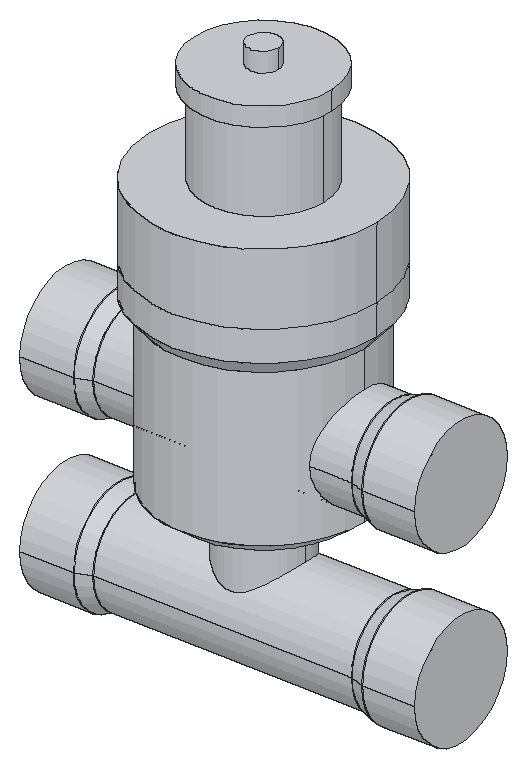
Revit family "VTX11P_DN15_PN16_RFA_2018", category Pipe Accessories, Revit 2018
Family settings
  Round Connector Dimension = Use Diameter
  Part Type = Valve - Breaks Into
  Work Plane-Based = No
  Always vertical = Yes
  Cut with Voids When Loaded = No
  Shared = No
Parameters (values of type "VTX11P G1/2  PN16 kvs0,6")
  magiProductId = ""
  magiProductFamilyId = ""
  magiPartTypeId = 306
  isMeasuringValve [instance] = no
  ang2D [instance] = 0.00°
  Z8 = 4 mm
  Z7__ve = -Z7  # -2.5 mm
  Z7 = 2.5 mm
  Z5 = 9.45 mm
  Z3 = 2 mm
  Z2 = 8.05 mm
  X4__ve = -X4  # -7 mm
  X4 = 7 mm
  X3 = 34 mm
  W2D = 15 mm
  VersionID = ""
  Use Minimum Symbol Size [instance] = yes
  URL = "www.hydronix.cz"
  Type Comments = "Závitový, vnější závit, ploché těsnění; LIN charakteristika; PN16; +5~+95°C; max.rychlost proudění 3,0 m/s"
  R9 = 9 mm
  R8 = 2 mm
  R7 = 15 mm
  R6 = 10.64 mm
  R5 = 6.703 mm
  R4 = 5.586 mm
  R2 = 13.3 mm
  R10 = 8 mm
  R1 = 6.75 mm
  QmdConnectorList = "301;D;302;D"
  Productdata [instance] = ""
  Manufacturer = "Hydronix"
  MC2 = yes
  MC Product Code = "VTX11P (G1/2\"; dpmax=250kPa; kvs 0,6)"
  MC = no
  LT2 = 19 mm
  L2D_Min = 3048 mm
  L2D = 38 mm
  H1 = 20.5 mm
  H = 27 mm
  E = 16 mm
  Description = "3 cestný regulační ventil malých spotřebičů s obtokem, DN15; zdvih 2,5mm; max dp 250kPa; kvs0,6"
  DT2 = 7.5 mm
  D = 15 mm
  CAT0 = yes
  C = 23 mm
Types (8, lengths in mm): name | Z5 | Z2 | X3 | R6 | R5 | R4 | R2 | R1 | MC Product Code | LT2 | H1 | H | Description | DT2 | D | C
  VTX09P G1/2  PN16 kvs0,25 | 9.45 | 8.05 | 34 | 10.64 | 6.703 | 5.586 | 13.3 | 6.75 | "VTX09P (G1/2\"; dpmax=250kPa; kvs 0,25)" | 19 | 20.5 | 27 | "3 cestný regulační ventil malých spotřebičů s obtokem, DN15; zdvih 2,5mm; max dp 250kPa; kvs0,25" | 7.5 | 15 | 23
  VTX10P G1/2  PN16 kvs0,4 | 9.45 | 8.05 | 34 | 10.64 | 6.703 | 5.586 | 13.3 | 6.75 | "VTX10P (G1/2\"; dpmax=250kPa; kvs 0,4)" | 19 | 20.5 | 27 | "3 cestný regulační ventil malých spotřebičů s obtokem, DN15; zdvih 2,5mm; max dp 250kPa; kvs0,4" | 7.5 | 15 | 23
  VTX12P G1/2  PN16 kvs1,0 | 9.45 | 8.05 | 34 | 10.64 | 6.703 | 5.586 | 13.3 | 6.75 | "VTX12P (G1/2\"; dpmax=250kPa; kvs 1,0)" | 19 | 20.5 | 27 | "3 cestný regulační ventil malých spotřebičů s obtokem, DN15; zdvih 2,5mm; max dp 250kPa; kvs1,0" | 7.5 | 15 | 23
  VTX13P G1/2  PN16 kvs1,6 | 9.45 | 8.05 | 34 | 10.64 | 6.703 | 5.586 | 13.3 | 6.75 | "VTX13P (G1/2\"; dpmax=250kPa; kvs 1,6)" | 19 | 20.5 | 27 | "3 cestný regulační ventil malých spotřebičů s obtokem, DN15; zdvih 2,5mm; max dp 250kPa; kvs1,6" | 7.5 | 15 | 23
  VTX21P G3/4  PN16 kvs2,5 | 9.1 | 17.5 | 38 | 11.76 | 7.409 | 6.174 | 14.7 | 9 | "VTX21P (G3/4\"; dpmax=150kPa; kvs 2,5)" | 21 | 37.4 | 26 | "3 cestný regulační ventil malých spotřebičů s obtokem, DN20; zdvih 2,5mm; max dp 150kPa; kvs2,5" | 10 | 20 | 50
  VTX24P G3/4  PN16 kvs4,0 | 9.1 | 17.5 | 38 | 11.76 | 7.409 | 6.174 | 14.7 | 9 | "VTX24P (G3/4\"; dpmax A-AB=100kPa;  dpmax B-AB=40kPa;  kvs 4,0)" | 21 | 37.4 | 26 | "3 cestný regulační ventil malých spotřebičů s obtokem, DN20; zdvih 2,5mm; max dp A-AB 100kPa; max dp B-AB 40kPa; kvs4,0" | 10 | 20 | 50
  VTX26P G3/4  PN16 kvs6,0 | 9.1 | 17.5 | 38 | 11.76 | 7.409 | 6.174 | 14.7 | 9 | "VTX26P (G3/4\"; dpmax A-AB=100kPa;  dpmax B-AB=40kPa; kvs 6,0)" | 21 | 37.4 | 26 | "3 cestný regulační ventil malých spotřebičů s obtokem, DN20; zdvih 2,5mm; max dp A-AB 100kPa; max dp B-AB 40kPa; kvs6,0" | 10 | 20 | 50
  VTX11P G1/2  PN16 kvs0,6 | 9.45 | 8.05 | 34 | 10.64 | 6.703 | 5.586 | 13.3 | 6.75 | "VTX11P (G1/2\"; dpmax=250kPa; kvs 0,6)" | 19 | 20.5 | 27 | "3 cestný regulační ventil malých spotřebičů s obtokem, DN15; zdvih 2,5mm; max dp 250kPa; kvs0,6" | 7.5 | 15 | 23
Reference planes
  plane 1 "Center (Front/Back)": y = 0
  plane 2 "XYPLANE": z = 0
  plane 3 "Center (Left/Right)": x = 0
  plane 4 "271": z = 38
  plane 5 "254": z = 11.55
  plane 6 "253": z = 17.55
  plane 7 "148": z = 40.5
  plane 8 "132": z = 43
  plane 9 "62": z = 13.55
  plane 10 "53": z = 27
  plane 11 "52": z = -8.95
  plane 12 "48": z = -10.95
  plane 13 "47": z = -12.95
  plane 14 "38": z = -21
  plane 15 "37": x = 17
  plane 16 "36": x = 19
  plane 17 "23": z = -23
  plane 18 "19": x = -17
  plane 19 "15": x = -19
  plane 20 "6": x = 26
  plane 21 "5": x = -26
  plane 22 "3": z = 0
  plane 23 "2": y = 0
  plane 24 "1": x = 0
Forms (mm)
  Extrusion 1, solid
    sketch origin (-17, -750, 0) x (0, 1, 0) y (0, 0, 1)
      loop
        circle (750, -23) r 6.75
    from 0 to 34 <- "X3"
  Blend 2, solid
    base sketch origin (19, -750, 0) x (0, 1, 0) y (0, 0, 1)
      loop
        circle (750, -23) r 7.5
    top sketch origin (19, -750, 0) x (0, 1, 0) y (0, 0, 1)
      loop
        circle (750, -23) r 6.75
    from 0 to -2
  Extrusion 3, solid
    sketch origin (26, -750, 0) x (0, 1, 0) y (0, 0, 1)
      loop
        circle (750, -23) r 7.5
    from 0 to -7 <- "X4__ve"
  Extrusion 4, solid
    sketch origin (-26, -750, 0) x (0, 1, 0) y (0, 0, 1)
      loop
        circle (750, -23) r 7.5
    from 0 to 7 <- "X4"
  Blend 5, solid
    base sketch origin (-19, -750, 0) x (0, 1, 0) y (0, 0, 1)
      loop
        circle (750, -23) r 7.5
    top sketch origin (-19, -750, 0) x (0, 1, 0) y (0, 0, 1)
      loop
        circle (750, -23) r 6.75
    from 0 to 2
  Extrusion 6, solid, visible <- "CAT0"
    sketch origin (-750, 0, 43) x (1, 0, 0) y (0, 1, 0)
      loop
        circle (750, 0) r 2
    from 0 to -2.5 <- "Z7__ve"
  Extrusion 7, solid, visible <- "CAT0"
    sketch origin (-750, 0, 38) x (1, 0, 0) y (0, 1, 0)
      loop
        circle (750, 0) r 8
    from 0 to -19
  Extrusion 8, solid, visible <- "CAT0"
    sketch origin (-17, -750, 0) x (0, 1, 0) y (0, 0, 1)
      loop
        circle (750, 0) r 6.75
    from 0 to 34 <- "X3"
  Extrusion 9, solid
    sketch origin (-750, 0, 13.55) x (1, 0, 0) y (0, 1, 0)
      loop
        circle (750, 0) r 15
    from 0 to 4 <- "Z8"
  Extrusion 10, solid
    sketch origin (-750, 0, 40.5) x (1, 0, 0) y (0, 1, 0)
      loop
        circle (750, 0) r 9
    from 0 to -2.5 <- "Z7__ve"
  Extrusion 11, solid
    sketch origin (-750, 0, 17.55) x (1, 0, 0) y (0, 1, 0)
      loop
        circle (750, 0) r 15
    from 0 to 9.45 <- "Z5"
  Blend 12, solid
    base sketch origin (-750, 0, 11.55) x (1, 0, 0) y (0, 1, 0)
      loop
        circle (750, 0) r 13.3
    top sketch origin (-750, 0, 11.55) x (1, 0, 0) y (0, 1, 0)
      loop
        circle (750, 0) r 15
    from 0 to 2
  Blend 13, solid
    base sketch origin (-750, 0, -8.95) x (1, 0, 0) y (0, 1, 0)
      loop
        circle (750, 0) r 13.3
    top sketch origin (-750, 0, -8.95) x (1, 0, 0) y (0, 1, 0)
      loop
        circle (750, 0) r 10.64
    from 0 to -2
  Blend 14, solid
    base sketch origin (-750, 0, -10.95) x (1, 0, 0) y (0, 1, 0)
      loop
        circle (750, 0) r 6.703
    top sketch origin (-750, 0, -10.95) x (1, 0, 0) y (0, 1, 0)
      loop
        circle (750, 0) r 5.586
    from 0 to -2
  Extrusion 15, solid
    sketch origin (-750, 0, -21) x (1, 0, 0) y (0, 1, 0)
      loop
        circle (750, 0) r 5.586
    from 0 to 8.05 <- "Z2"
  Extrusion 16, solid
    sketch origin (26, -750, 0) x (0, 1, 0) y (0, 0, 1)
      loop
        circle (750, 0) r 7.5
    from 0 to -7 <- "X4__ve"
  Blend 17, solid
    base sketch origin (19, -750, 0) x (0, 1, 0) y (0, 0, 1)
      loop
        circle (750, 0) r 7.5
    top sketch origin (19, -750, 0) x (0, 1, 0) y (0, 0, 1)
      loop
        circle (750, 0) r 6.75
    from 0 to -2
  Extrusion 18, solid
    sketch origin (-750, 0, -8.95) x (1, 0, 0) y (0, 1, 0)
      loop
        circle (750, 0) r 13.3
    from 0 to 20.5 <- "H1"
  Blend 19, solid
    base sketch origin (-19, -750, 0) x (0, 1, 0) y (0, 0, 1)
      loop
        circle (750, 0) r 7.5
    top sketch origin (-19, -750, 0) x (0, 1, 0) y (0, 0, 1)
      loop
        circle (750, 0) r 6.75
    from 0 to 2
  Extrusion 20, solid
    sketch origin (-26, -750, 0) x (0, 1, 0) y (0, 0, 1)
      loop
        circle (750, 0) r 7.5
    from 0 to 7 <- "X4"
  Extrusion 21, solid, not visible
    sketch origin (19, -750, 0) x (0, 1, 0) y (0, 0, 1)
      loop
        circle (750, 0) r 10
    from 0 to -10
  Extrusion 22, solid, not visible
    sketch origin (-19, -750, 0) x (0, 1, 0) y (0, 0, 1)
      loop
        circle (750, 0) r 10
    from 0 to 10
Lines and regions (mm)
  reference lines, not visible
    curve 1: circle (2, 2, 0) r 1 normal (0, 0, 1)
Dimensions and locks
  plane 1 "Center (Front/Back)" to curve 1 = 2 mm
  "Z7": plane 7 "148" to plane 4 "271"
  "Z3": plane 9 "62" to plane 5 "254"
  "Z5": plane 10 "53" to plane 6 "253"
  "Z7": plane 8 "132" to plane 7 "148"
  "E": plane 10 "53" to plane 8 "132"
  "Z8": plane 6 "253" to plane 9 "62"
  "H": plane 2 "XYPLANE" to plane 10 "53"
  "Z3": plane 12 "48" to plane 11 "52"
  "Z3": plane 13 "47" to plane 12 "48"
  "Z2": plane 14 "38" to plane 13 "47"
  "Z3": plane 17 "23" to plane 14 "38"
  locked: plane 16 "36" to plane 15 "37" at 2
  "LT2": plane 3 "Center (Left/Right)" to plane 16 "36"
  "C": plane 2 "XYPLANE" to plane 17 "23"
  locked: plane 19 "15" to plane 18 "19" at 2
  "LT2": plane 3 "Center (Left/Right)" to plane 19 "15"
  "X4": plane 16 "36" to plane 20 "6"
  "X4": plane 19 "15" to plane 21 "5"
  locked: plane 2 "XYPLANE" to plane 22 "3"
  locked: plane 1 "Center (Front/Back)" to plane 23 "2"
  locked: plane 3 "Center (Left/Right)" to plane 24 "1"
  "R1": radius of Extrusion 1 sketch curve
  "R1": radius of Blend 2 sketch curve
  "DT2": radius of Blend 2 sketch curve
  "DT2": radius of Extrusion 3 sketch curve
  "DT2": radius of Extrusion 4 sketch curve
  "R1": radius of Blend 5 sketch curve
  "DT2": radius of Blend 5 sketch curve
  "R8": radius of Extrusion 6 sketch curve
  "R10": radius of Extrusion 7 sketch curve
  "R1": radius of Extrusion 8 sketch curve
  "R7": radius of Extrusion 9 sketch curve
  "R9": radius of Extrusion 10 sketch curve
  "R7": radius of Extrusion 11 sketch curve
  "R7": radius of Blend 12 sketch curve
  "R2": radius of Blend 12 sketch curve
  "R6": radius of Blend 13 sketch curve
  "R2": radius of Blend 13 sketch curve
  "R4": radius of Blend 14 sketch curve
  "R5": radius of Blend 14 sketch curve
  "R4": radius of Extrusion 15 sketch curve
  "DT2": radius of Extrusion 16 sketch curve
  "R1": radius of Blend 17 sketch curve
  "DT2": radius of Blend 17 sketch curve
  "R2": radius of Extrusion 18 sketch curve
  "R1": radius of Blend 19 sketch curve
  "DT2": radius of Blend 19 sketch curve
  "DT2": radius of Extrusion 20 sketch curve
  aligned and locked: level to plane 2 "XYPLANE"
  aligned and locked: plane 17 "23" to Extrusion 1 sketch curve
  aligned and locked: Extrusion 1 sketch curve to plane 23 "2"
  aligned and locked: plane 17 "23" to Blend 2 sketch curve  (x2)
  aligned and locked: Blend 2 sketch curve to plane 23 "2"  (x2)
  aligned and locked: Blend 2 to plane 15 "37"
  aligned and locked: plane 17 "23" to Extrusion 3 sketch curve
  aligned and locked: Extrusion 3 sketch curve to plane 23 "2"
  aligned and locked: plane 17 "23" to Extrusion 4 sketch curve
  aligned and locked: Extrusion 4 sketch curve to plane 23 "2"
  aligned and locked: plane 17 "23" to Blend 5 sketch curve  (x2)
  aligned and locked: Blend 5 sketch curve to plane 23 "2"  (x2)
  aligned and locked: plane 18 "19" to Blend 5
  aligned and locked: plane 23 "2" to Extrusion 6 sketch curve
  aligned and locked: plane 24 "1" to Extrusion 6 sketch curve
  aligned and locked: plane 23 "2" to Extrusion 7 sketch curve
  aligned and locked: plane 24 "1" to Extrusion 7 sketch curve
  aligned and locked: plane 22 "3" to Extrusion 8 sketch curve
  aligned and locked: Extrusion 8 sketch curve to plane 23 "2"
  aligned and locked: plane 23 "2" to Extrusion 9 sketch curve
  aligned and locked: plane 24 "1" to Extrusion 9 sketch curve
  aligned and locked: plane 23 "2" to Extrusion 10 sketch curve
  aligned and locked: plane 24 "1" to Extrusion 10 sketch curve
  aligned and locked: plane 23 "2" to Extrusion 11 sketch curve
  aligned and locked: plane 24 "1" to Extrusion 11 sketch curve
  aligned and locked: plane 23 "2" to Blend 12 sketch curve  (x2)
  aligned and locked: plane 24 "1" to Blend 12 sketch curve  (x2)
  aligned and locked: plane 9 "62" to Blend 12
  aligned and locked: plane 23 "2" to Blend 13 sketch curve  (x2)
  aligned and locked: plane 24 "1" to Blend 13 sketch curve  (x2)
  aligned and locked: Blend 13 to plane 12 "48"
  aligned and locked: plane 23 "2" to Blend 14 sketch curve  (x2)
  aligned and locked: plane 24 "1" to Blend 14 sketch curve  (x2)
  aligned and locked: Blend 14 to plane 13 "47"
  aligned and locked: plane 23 "2" to Extrusion 15 sketch curve
  aligned and locked: plane 24 "1" to Extrusion 15 sketch curve
  aligned and locked: plane 22 "3" to Extrusion 16 sketch curve
  aligned and locked: Extrusion 16 sketch curve to plane 23 "2"
  aligned and locked: plane 22 "3" to Blend 17 sketch curve  (x2)
  aligned and locked: Blend 17 sketch curve to plane 23 "2"  (x2)
  aligned and locked: Blend 17 to plane 15 "37"
  aligned and locked: plane 23 "2" to Extrusion 18 sketch curve
  aligned and locked: plane 24 "1" to Extrusion 18 sketch curve
  aligned and locked: plane 22 "3" to Blend 19 sketch curve  (x2)
  aligned and locked: Blend 19 sketch curve to plane 23 "2"  (x2)
  aligned and locked: plane 18 "19" to Blend 19
  aligned and locked: plane 22 "3" to Extrusion 20 sketch curve
  aligned and locked: Extrusion 20 sketch curve to plane 23 "2"
  aligned and locked: plane 22 "3" to Extrusion 21 sketch curve
  aligned and locked: Extrusion 21 sketch curve to plane 23 "2"
  aligned and locked: plane 22 "3" to Extrusion 22 sketch curve
  aligned and locked: Extrusion 22 sketch curve to plane 23 "2"
Automatic sketch dimensions
  plane 1 "Center (Front/Back)" to Extrusion 21 sketch curve = 10 mm
  plane 1 "Center (Front/Back)" to Extrusion 22 sketch curve = 10 mm
  plane 3 "Center (Left/Right)" to curve 1 = 2 mm
  radius of curve 1 = 1 mm
Connectors
  piping at (-19, 0, 0), diameter 15, driven by "D"
    settings: on Extrusion 22, index 1, connector inside diameter 609.6 mm, connector length 0 mm, flow factor 0, pipe flow 0.0 L/s, pressure drop 0.0 Pa, fitting loss kfactor 0, connector angle 0.00°, fixture units 0, engagement length 0 mm, angle of deflection 0.00°, flow configuration 0, flow direction 0, fitting loss method 0, system type 29, joint type 0, gender type 0, connector reference index 2, connector utility 0, adjustable connector no, is connector primary yes, connector description ""
  piping at (19, 0, 0), diameter 15, driven by "D"
    settings: on Extrusion 21, index 2, connector inside diameter 609.6 mm, connector length 0 mm, flow factor 0, pipe flow 0.0 L/s, pressure drop 0.0 Pa, fitting loss kfactor 0, connector angle 0.00°, fixture units 0, engagement length 0 mm, angle of deflection 0.00°, flow configuration 0, flow direction 0, fitting loss method 0, system type 29, joint type 0, gender type 0, connector reference index 1, connector utility 0, adjustable connector no, is connector primary no, connector description ""
